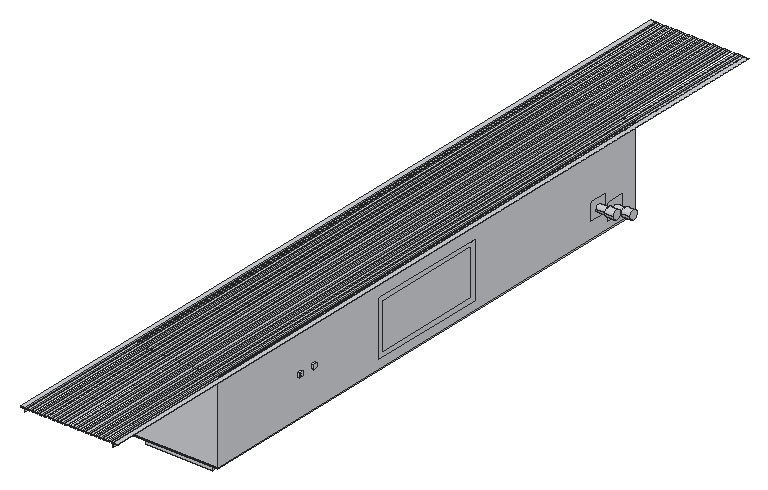
Revit family "62”L x 10”W x 9.8”H", category Air Terminals, Revit 2016
Family settings
  Part Type = Normal
  Round Connector Dimension = Use Diameter
  Work Plane-Based = No
  Always vertical = Yes
  Cut with Voids When Loaded = No
  Shared = No
  Room Calculation Point = No
Parameters (values of type "10"")
  Length [instance] = 5' - 2"
Reference planes (in)
  plane 1 "Center (Front/Back)": y = 0
  plane 2: z = 0
  plane 3 "Center (Left/Right)": x = 0
  plane 4 "1": z = 10
  plane 5: x = -5
  plane 6: x = 5
  plane 7: y = -31
  plane 8: y = 31
  plane 9: z = 13.07874
  plane 10: z = 3.27874
Forms (in)
  Extrusion 1, solid
    sketch origin (0, 0, 5.07874) x (1, 0, 0) y (0, 1, 0)
      loop
        line (-5, 31) -> (-5, -31) -> (5, -31) -> (5, 31) -> (-5, 31)
      loop
        line (-4.88281, 30.88281) -> (-4.88281, -30.88281) -> (4.88281, -30.88281) -> (4.88281, 30.88281) -> (-4.88281, 30.88281)
    from -1.62874 to 8
  Sweep 2, solid
    path origin (0, 0, 3.07874) x (1, 0, 0) y (0, 1, 0)
      loop
        line (-5.81, -46.875) -> (-5.81, 46.875)
    profile origin (-5.81, 0, 3.07874) x (-1, 0, 0) y (0, 0, 1)
      loop
        line (-0.52344, 10) -> (0, 10) -> (0, 10.07332) -> (-0.59282, 10.07332) -> (-0.59282, 9.66166) -> (-0.52344, 9.66166) -> (-0.52344, 10)
  Extrusion 3, solid
    sketch origin (-0.81343, 36.25781, 3.15206) x (0, -1, 0) y (1, 0, 0)
      loop
        line (83.13281, -1.40375) -> (-10.61719, -1.40375) -> (-10.61719, -1.65375) -> (83.13281, -1.65375) -> (83.13281, -1.40375)
      loop
        line (83.13281, -1.90375) -> (-10.61719, -1.90375) -> (-10.61719, -2.15375) -> (83.13281, -2.15375) -> (83.13281, -1.90375)
      loop
        line (83.13281, -2.40375) -> (-10.61719, -2.40375) -> (-10.61719, -2.65375) -> (83.13281, -2.65375) -> (83.13281, -2.40375)
      loop
        line (83.13281, -2.90375) -> (-10.61719, -2.90375) -> (-10.61719, -3.15375) -> (83.13281, -3.15375) -> (83.13281, -2.90375)
      loop
        line (83.13281, -3.40375) -> (-10.61719, -3.40375) -> (-10.61719, -3.65375) -> (83.13281, -3.65375) -> (83.13281, -3.40375)
      loop
        line (83.13281, -3.90375) -> (-10.61719, -3.90375) -> (-10.61719, -4.15375) -> (83.13281, -4.15375) -> (83.13281, -3.90375)
      loop
        line (83.13281, -4.27875) -> (-10.61719, -4.27875) -> (-10.61719, -4.40375) -> (83.13281, -4.40375) -> (83.13281, -4.27875)
      loop
        line (83.13281, 2.09625) -> (-10.61719, 2.09625) -> (-10.61719, 1.84625) -> (83.13281, 1.84625) -> (83.13281, 2.09625)
      loop
        line (83.13281, 1.59625) -> (-10.61719, 1.59625) -> (-10.61719, 1.34625) -> (83.13281, 1.34625) -> (83.13281, 1.59625)
      loop
        line (83.13281, 1.09625) -> (-10.61719, 1.09625) -> (-10.61719, 0.84625) -> (83.13281, 0.84625) -> (83.13281, 1.09625)
      loop
        line (83.13281, 0.59625) -> (-10.61719, 0.59625) -> (-10.61719, 0.34625) -> (83.13281, 0.34625) -> (83.13281, 0.59625)
      loop
        line (83.13281, 0.09625) -> (-10.61719, 0.09625) -> (-10.61719, -0.15375) -> (83.13281, -0.15375) -> (83.13281, 0.09625)
      loop
        line (83.13281, -0.40375) -> (-10.61719, -0.40375) -> (-10.61719, -0.65375) -> (83.13281, -0.65375) -> (83.13281, -0.40375)
      loop
        line (83.13281, -0.90375) -> (-10.61719, -0.90375) -> (-10.61719, -1.15375) -> (83.13281, -1.15375) -> (83.13281, -0.90375)
      loop
        line (83.13281, 5.59625) -> (-10.61719, 5.59625) -> (-10.61719, 5.34625) -> (83.13281, 5.34625) -> (83.13281, 5.59625)
      loop
        line (83.13281, 5.09625) -> (-10.61719, 5.09625) -> (-10.61719, 4.84625) -> (83.13281, 4.84625) -> (83.13281, 5.09625)
      loop
        line (83.13281, 4.59625) -> (-10.61719, 4.59625) -> (-10.61719, 4.34625) -> (83.13281, 4.34625) -> (83.13281, 4.59625)
      loop
        line (83.13281, 4.09625) -> (-10.61719, 4.09625) -> (-10.61719, 3.84625) -> (83.13281, 3.84625) -> (83.13281, 4.09625)
      loop
        line (83.13281, 3.59625) -> (-10.61719, 3.59625) -> (-10.61719, 3.34625) -> (83.13281, 3.34625) -> (83.13281, 3.59625)
      loop
        line (83.13281, 3.09625) -> (-10.61719, 3.09625) -> (-10.61719, 2.84625) -> (83.13281, 2.84625) -> (83.13281, 3.09625)
      loop
        line (83.13281, 2.59625) -> (-10.61719, 2.59625) -> (-10.61719, 2.34625) -> (83.13281, 2.34625) -> (83.13281, 2.59625)
      loop
        line (83.13281, 6.0306) -> (-10.61719, 6.0306) -> (-10.61719, 5.84625) -> (83.13281, 5.84625) -> (83.13281, 6.0306)
    from 9.9375 to 10
  Extrusion 4, solid
    sketch origin (-1.03806, 9.46826, 3.27874) x (0, 1, 0) y (0, 0, 1)
      loop
        line (17, -0.75) -> (17.125, -0.75) -> (17.125, -0.125) -> (20.875, -0.125) -> (20.875, -0.75) -> (21, -0.75) -> (21, 0) -> (17, 0) -> (17, -0.75)
      loop
        line (-7.46826, -0.75) -> (-7.46826, 0) -> (-11.46826, 0) -> (-11.46826, -0.75) -> (-11.34326, -0.75) -> (-11.34326, -0.125) -> (-7.59326, -0.125) -> (-7.59326, -0.75) -> (-7.46826, -0.75)
      loop
        line (-35.93651, -0.75) -> (-35.93651, 0) -> (-39.93651, 0) -> (-39.93651, -0.75) -> (-39.81151, -0.75) -> (-39.81151, -0.125) -> (-36.06151, -0.125) -> (-36.06151, -0.75) -> (-35.93651, -0.75)
    from -2.96194 to 5
  Extrusion 5, solid
    sketch origin (0, 0, 3.27874) x (1, 0, 0) y (0, 1, 0)
      loop
        line (5, -31) -> (5, 31) -> (-5, 31) -> (-5, -31) -> (5, -31)
    from 0 to 0.17126
  Extrusion 6, solid
    sketch origin (-0.9375, -19.55995, 4.07874) x (0, -1, 0) y (0, 0, -1)
      loop
        line (-26.68495, -6.95) -> (-12.43495, -6.95) -> (-12.43495, -0.45) -> (-26.68495, -0.45) -> (-26.68495, -6.95)
      loop
        line (-26.18495, -6.45) -> (-12.93495, -6.45) -> (-12.93495, -0.95) -> (-26.18495, -0.95) -> (-26.18495, -6.45)
    from 5.9375 to 5.95371
  Sweep 7, solid
    path origin (0, 0, 3.07874) x (-1, 0, 0) y (0, -1, 0)
      loop
        line (-5.81, 46.875) -> (-5.81, -46.875)
    profile origin (5.81, 0, 3.07874) x (-1, 0, 0) y (0, 0, 1)
      loop
        line (0.52344, 10) -> (0.52344, 9.66166) -> (0.59282, 9.66166) -> (0.59282, 10.07332) -> (0, 10.07332) -> (0, 10) -> (0.52344, 10)
  Extrusion 8, solid
    sketch origin (-1.16256, 42.07839, -4.73373) x (0, -1, 0) y (0, 0, -1)
      loop
        circle (14.07918, -10) r 0.4
    from 6.04538 to 7.41256
  Extrusion 9, solid
    sketch origin (-1.16256, 42.07839, -4.73373) x (0, -1, 0) y (0, 0, -1)
      loop
        circle (14.07839, -10) r 0.5
    from 7.41256 to 8.41256
  Extrusion 10, solid
    sketch origin (-1.16256, 39.57839, -3.61143) x (0, -1, 0) y (0, 0, -1)
      loop
        circle (14.07918, -10) r 0.4
    from 6.04538 to 7.41256
  Extrusion 11, solid
    sketch origin (-1.16256, 39.57839, -3.61143) x (0, -1, 0) y (0, 0, -1)
      loop
        circle (14.07839, -10) r 0.5
    from 7.41256 to 8.41256
  Extrusion 12, solid
    sketch origin (5, 31, 5.07874) x (0, -1, 0) y (0, 0, -1)
      loop
        line (6.5357, -2.31415) -> (6.5357, -0.31415) -> (4.5357, -0.31415) -> (4.5357, -2.31415) -> (6.5357, -2.31415)
      loop
        circle (5.50078, -1.30983) r 0.4
    from 0 to 0.03282
  Extrusion 13, solid
    sketch origin (5, 33.5, 3.95644) x (0, -1, 0) y (0, 0, -1)
      loop
        line (6.5357, -2.31415) -> (6.5357, -0.31415) -> (4.5357, -0.31415) -> (4.5357, -2.31415) -> (6.5357, -2.31415)
      loop
        circle (5.50078, -1.30983) r 0.4
    from 0 to 0.03282
  Extrusion 14, solid
    sketch origin (5, 31, 5.07874) x (0, -1, 0) y (0, 0, -1)
      loop
        line (50.29421, -3.43563) -> (50.29421, -2.93563) -> (49.79421, -2.93563) -> (49.79421, -3.43563) -> (50.29421, -3.43563)
      loop
        line (50.24343, -2.98641) -> (50.06374, -2.98641) -> (50.06374, -3.16024) -> (50.24343, -3.16024) -> (50.24343, -2.98641)
      loop
        line (50.24343, -3.38485) -> (50.24343, -3.21102) -> (50.06374, -3.21102) -> (50.06374, -3.38485) -> (50.24343, -3.38485)
      loop
        line (49.84499, -3.38485) -> (50.01296, -3.38485) -> (50.01296, -3.21102) -> (49.84499, -3.21102) -> (49.84499, -3.38485)
      loop
        line (49.84499, -2.98641) -> (49.84499, -3.16024) -> (50.01296, -3.16024) -> (50.01296, -2.98641) -> (49.84499, -2.98641)
      loop
        line (48.25, -2.93563) -> (47.75, -2.93563) -> (47.75, -3.43563) -> (48.25, -3.43563) -> (48.25, -2.93563)
      loop
        line (48.19922, -2.98641) -> (48.01953, -2.98641) -> (48.01953, -3.16024) -> (48.19922, -3.16024) -> (48.19922, -2.98641)
      loop
        line (48.19922, -3.38485) -> (48.19922, -3.21102) -> (48.01953, -3.21102) -> (48.01953, -3.38485) -> (48.19922, -3.38485)
      loop
        line (47.80078, -3.38485) -> (47.96875, -3.38485) -> (47.96875, -3.21102) -> (47.80078, -3.21102) -> (47.80078, -3.38485)
      loop
        line (47.80078, -2.98641) -> (47.80078, -3.16024) -> (47.96875, -3.16024) -> (47.96875, -2.98641) -> (47.80078, -2.98641)
    from 0 to 0.38624
Dimensions and locks (in)
  equal spacing: plane 8, plane 1 "Center (Front/Back)", plane 7
  equal spacing: plane 5, plane 3 "Center (Left/Right)", plane 6
  plane 5 to plane 3 "Center (Left/Right)" = 0' - 5"
  plane 6 to plane 5 = 0' - 10"  (x3)
  Extrusion 6 sketch curve to Extrusion 6 sketch curve = 1' - 2 1/4"
  Extrusion 6 sketch curve to Extrusion 6 sketch curve = 0' - 0 1/2"  (x3)
  plane 5 to plane 6 = 0' - 10"
  "Length": plane 8 to plane 7
  Sweep 2 to Sweep 2 = 7' - 9 3/4"
  Sweep 2 to Sweep 7 = 0' - 11.62"
  Extrusion 12 sketch curve to Extrusion 12 sketch curve = 0' - 2"
  Extrusion 13 sketch curve to Extrusion 13 sketch curve = 0' - 2"
  plane 10 to plane 9 = 0' - 9.8"
  aligned and locked: level to plane 2
  aligned and locked: Extrusion 1 sketch curve to plane 8
  aligned and locked: plane 5 to Extrusion 1 sketch curve
  aligned and locked: plane 7 to Extrusion 1 sketch curve
  aligned and locked: Extrusion 1 sketch curve to plane 6
Automatic sketch dimensions
  plane 5 to Extrusion 1 sketch curve = 0' - 0 15/128"
  Extrusion 1 sketch curve to plane 6 = 0' - 0 15/128"
  plane 7 to Extrusion 1 sketch curve = 0' - 0 15/128"
  Extrusion 1 sketch curve to plane 8 = 0' - 0 15/128"
  Sweep 2 sketch curve to plane 5 = 0' - 0.81"
  Sweep 2 sketch curve to plane 7 = 1' - 3 7/8"
  plane 8 to Sweep 2 sketch curve = 1' - 3 7/8"
  Sweep 2 sketch curve to profile plane = 0' - 0"
  profile plane to Sweep 2 sketch curve = 0' - 0 67/128"
  Sweep 2 sketch curve to Sweep 2 sketch curve = 0' - 0.06939"
  profile plane to Sweep 2 sketch curve = 0' - 9.66166"
  Sweep 2 sketch curve to Sweep 2 sketch curve = 0' - 0.33834"
  Sweep 2 sketch curve to Sweep 2 sketch curve = 0' - 0.07332"
  plane 6 to Extrusion 3 sketch curve = 0' - 0.03282"
  plane 8 to Extrusion 3 sketch curve = 1' - 3 7/8"
  Extrusion 3 sketch curve to plane 3 "Center (Left/Right)" = 0' - 2.21718"
  Extrusion 3 sketch curve to Extrusion 3 sketch curve = 0' - 0"  (x42)
  plane 3 "Center (Left/Right)" to Extrusion 3 sketch curve = 0' - 1.53282"
  Extrusion 3 sketch curve to plane 3 "Center (Left/Right)" = 0' - 1.46718"
  Extrusion 3 sketch curve to plane 7 = 1' - 3 7/8"
  plane 3 "Center (Left/Right)" to Extrusion 3 sketch curve = 0' - 0.03282"
  Extrusion 3 sketch curve to plane 6 = 0' - 0.21718"
  Extrusion 3 sketch curve to plane 5 = 0' - 0.21718"
  plane 5 to Extrusion 3 sketch curve = 0' - 0.03282"
  plane 6 to Extrusion 3 sketch curve = 0' - 0.21718"
  Extrusion 3 sketch curve to plane 5 = 0' - 0.09218"
  Extrusion 3 sketch curve to Extrusion 3 sketch curve = 0' - 0 1/4"  (x33)
  Extrusion 3 sketch curve to plane 3 "Center (Left/Right)" = 0' - 0.21718"
  plane 10 to Extrusion 4 sketch curve = 0' - 0"  (x3)
  plane 7 to Extrusion 4 sketch curve = 0' - 0.53174"
  Extrusion 4 sketch curve to Extrusion 4 sketch curve = 0' - 0 1/8"  (x6)
  plane 10 to Extrusion 4 sketch curve = 0' - 0 1/8"  (x3)
  Extrusion 4 sketch curve to Extrusion 4 sketch curve = 0' - 3 3/4"
  plane 10 to Extrusion 4 sketch curve = 0' - 0 3/4"
  plane 1 "Center (Front/Back)" to Extrusion 4 sketch curve = 0' - 2"
  Extrusion 4 sketch curve to plane 1 "Center (Front/Back)" = 0' - 1 7/8"
  Extrusion 4 sketch curve to plane 8 = 0' - 4.53174"
  Extrusion 4 sketch curve to plane 8 = 0' - 0.65674"
  Extrusion 4 sketch curve to Extrusion 4 sketch curve = 0' - 0 5/8"  (x5)
  Extrusion 5 sketch curve to plane 5 = 0' - 0"
  Extrusion 5 sketch curve to plane 6 = 0' - 0"
  Extrusion 5 sketch curve to plane 7 = 0' - 0"
  Extrusion 5 sketch curve to plane 8 = 0' - 0"
  plane 6 to Sweep 7 sketch curve = 0' - 0.81"
  plane 8 to Sweep 7 sketch curve = 1' - 3 7/8"
  Sweep 7 sketch curve to plane 7 = 1' - 3 7/8"
  Sweep 7 sketch curve to profile plane = 0' - 0"
  Sweep 7 sketch curve to profile plane = 0' - 0 67/128"
  Sweep 7 sketch curve to Sweep 7 sketch curve = 0' - 0.06939"
  profile plane to Sweep 7 sketch curve = 0' - 9.66166"
  Sweep 7 sketch curve to Sweep 7 sketch curve = 0' - 0.33834"
  Sweep 7 sketch curve to Sweep 7 sketch curve = 0' - 0.07332"
  Extrusion 8 sketch curve to plane 8 = 0' - 3.00078"
  Extrusion 8 sketch curve to plane 10 = 0' - 1.98753"
  Extrusion 9 sketch curve to plane 8 = 0' - 3"
  Extrusion 9 sketch curve to plane 10 = 0' - 1.98753"
  Extrusion 10 sketch curve to plane 8 = 0' - 5.50078"
  Extrusion 10 sketch curve to plane 10 = 0' - 3.10983"
  Extrusion 11 sketch curve to plane 8 = 0' - 5 1/2"
  Extrusion 11 sketch curve to plane 10 = 0' - 3.10983"
  Extrusion 12 sketch curve to Extrusion 12 sketch curve = 0' - 0"  (x2)
  Extrusion 1 to Extrusion 12 sketch curve = 0' - 4.5357"
  Extrusion 12 sketch curve to Extrusion 12 sketch curve = 0' - 0.96508"
  Extrusion 1 to Extrusion 12 sketch curve = 0' - 3.94289"
  Extrusion 12 sketch curve to Extrusion 12 sketch curve = 0' - 1.00433"
  Extrusion 12 sketch curve to Extrusion 12 sketch curve = 0' - 0.99567"
  Extrusion 12 sketch curve to Extrusion 12 sketch curve = 0' - 0.4"
  Extrusion 13 sketch curve to Extrusion 13 sketch curve = 0' - 0"  (x2)
  Extrusion 1 to Extrusion 13 sketch curve = 0' - 2.0357"
  Extrusion 13 sketch curve to Extrusion 13 sketch curve = 0' - 0.96508"
  Extrusion 1 to Extrusion 13 sketch curve = 0' - 2.82059"
  Extrusion 13 sketch curve to Extrusion 13 sketch curve = 0' - 1.00433"
  Extrusion 1 to Extrusion 13 sketch curve = 0' - 0.82059"
  Extrusion 13 sketch curve to Extrusion 13 sketch curve = 0' - 0.4"
  Extrusion 1 to Extrusion 14 sketch curve = 0' - 4.56437"
  Extrusion 1 to Extrusion 14 sketch curve = 0' - 11.70579"
  Extrusion 14 sketch curve to Extrusion 14 sketch curve = 0' - 0 13/256"  (x18)
  Extrusion 14 sketch curve to Extrusion 14 sketch curve = 0' - 0 23/128"  (x3)
  Extrusion 14 sketch curve to Extrusion 14 sketch curve = 0' - 0"  (x5)
  Extrusion 14 sketch curve to Extrusion 14 sketch curve = 0' - 0 43/256"  (x4)
  Extrusion 14 sketch curve to Extrusion 14 sketch curve = 0' - 0.17383"  (x7)
  Extrusion 14 sketch curve to Extrusion 14 sketch curve = 0' - 1.54421"
  Extrusion 6 sketch curve to plane 10 = 0' - 1 1/4"
  Extrusion 6 sketch curve to plane 1 "Center (Front/Back)" = 0' - 7 1/8"
  Extrusion 6 sketch curve to Extrusion 6 sketch curve = 0' - 0 1/2"
  plane 4 "1" to Extrusion 6 sketch curve = 0' - 0.52874"
  radius of Extrusion 8 sketch curve = 0' - 0.4"
  radius of Extrusion 9 sketch curve = 0' - 0 1/2"
  radius of Extrusion 10 sketch curve = 0' - 0.4"
  radius of Extrusion 11 sketch curve = 0' - 0 1/2"
